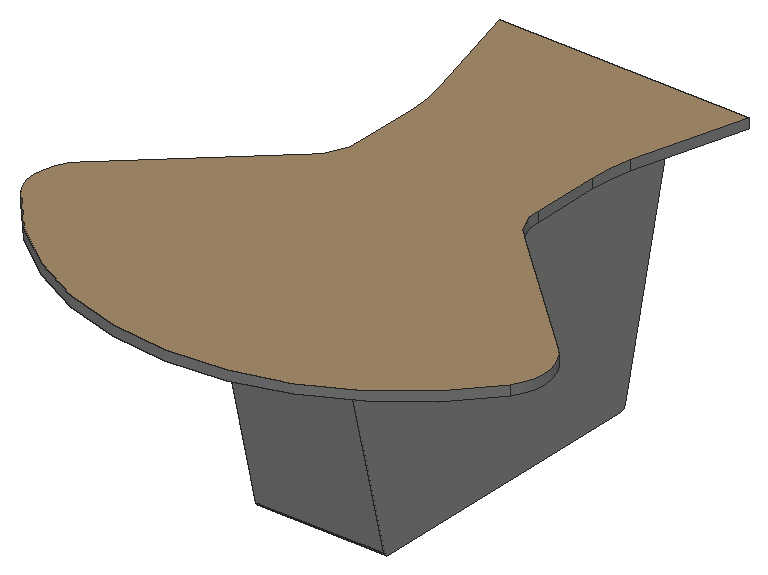
Revit family "Hive Work Surface - Fan", category Furniture, Revit 2020
Family settings
  OmniClass Number = 23.40.20.00
  OmniClass Title = General Furniture and Specialties
  Work Plane-Based = No
  Always vertical = Yes
  Cut with Voids When Loaded = No
  Shared = Yes
  Room Calculation Point = No
Parameters
  WarrantyStartDate = ""
  WarrantyDuration = 60
  Uniclass = "Pr_40_50_21"
  URL = "http://www.nomadflexiblefurniture.com/"
  Type Comments = "Fan Work Surface"  # constant formula
  TagNumber = 0
  SerialNumber = 0
  Product URL = "http://www.nomadflexiblefurniture.com/hive_web/index.html"  # constant formula
  Product Code = "THV8"  # constant formula
  Option = ""
  Name = "Furniture -Table-Casual-Connection-Hive_Fan_Work_Surface"
  Model = "THV8"  # constant formula
  Material Table Edging [instance] = Palmer Hamilton Black Plastic
  Material Table Base [instance] = Palmer Hamilton Black Plastic
  Material Table [instance] = Choose Laminate
  Material Centre Divide [instance] = Choose Fabric
  Manufacturer = "Palmer Hamilton"  # constant formula
  Length = 2' - 7.49606"  # constant formula
  InstallationDate = ""
  Height = 2' - 5.13386"  # constant formula
  Fire Rating = ""
  Features = ""
  Extidentifier = ""
  Power module [instance] = no
  Description = "Fan Work Surface"  # constant formula
  Depth = 2' - 11.43307"  # constant formula
  Default Elevation = 0' - 0"
  Contact Telephone Number = "262-723-5280"  # constant formula
  Contact Fax Number = "800-788-1028"  # constant formula
  Contact Email Address = "info@NomadFlexibleFurniture.com"  # constant formula
  COBie Description = "Designed by Roger Webb Associates, Hive is designed to create flexible spaces for collaboration, communication and concentration. A versatile modular system which integrates technology"
  Barcode = 0
  AssetIdentifier = "THV8"  # constant formula
Reference planes (in)
  plane 1 "Center (Front/Back)": y = 0
  plane 2: z = 0
  plane 3 "Center (Left/Right)": x = 0
  plane 4: z = 17.04724
  plane 5: y = -6.98759
Forms (in)
  Extrusion 1, solid, material "Choose Fabric" <- "Material Centre Divide"
    sketch origin (0, 0, 12.40158) x (0, 1, 0) y (0, 0, 1)
      loop
        arc (-12.32332, 14.37008) -> (-12.63356, 14.21876) -> (-12.70533, 13.88113) r 0.3937
        line (-12.70533, 13.88113) -> (-9.31879, 0.29846)
        arc (-9.31879, 0.29846) -> (-9.17917, 0.08346) -> (-8.93678, 0) r 0.3937
        line (-8.93678, 0) -> (8.93678, 0)
        arc (8.93678, 0) -> (9.17917, 0.08346) -> (9.31879, 0.29846) r 0.3937
        line (9.31879, 0.29846) -> (12.70533, 13.88113)
        arc (12.70533, 13.88113) -> (12.63356, 14.21876) -> (12.32332, 14.37008) r 0.3937
        line (12.32332, 14.37008) -> (-12.32332, 14.37008)
    from -3.93701 to 3.93701
  Extrusion 2, solid, material "Choose Laminate" <- "Material Table"
    sketch origin (0, 0, 0) x (1, 0, 0) y (0, 1, 0)
      loop
        line (7.67717, 14.15598) -> (-7.67717, 14.15598) -> (-5.84719, 7.32641)
        arc (-5.84719, 7.32641) -> (-5.59602, 6.06368) -> (-5.51181, 4.77897) r 9.84253
        line (-5.51181, 4.77897) -> (-5.51181, 0.5733)
        arc (-5.51181, 0.5733) -> (-5.7791, -0.68447) -> (-6.51945, -1.73581) r 3.20347
        line (-6.51945, -1.73581) -> (-14.74039, -9.36168)
        arc (-14.74039, -9.36168) -> (-15.7324, -11.35741) -> (-15.15522, -13.51005) r 3.14961
        arc (-15.15522, -13.51005) -> (0, -21.27026) -> (15.15522, -13.51005) r 18.67871
        arc (15.15522, -13.51005) -> (15.7324, -11.35741) -> (14.74039, -9.36168) r 3.14961
        line (14.74039, -9.36168) -> (6.51945, -1.73581)
        arc (6.51945, -1.73581) -> (5.7791, -0.68447) -> (5.51181, 0.5733) r 3.20347
        line (5.51181, 0.5733) -> (5.51181, 4.77897)
        arc (5.51181, 4.77897) -> (5.59602, 6.06368) -> (5.84719, 7.32641) r 9.84253
        line (5.84719, 7.32641) -> (7.67717, 14.15598)
    from 27.16535 to 27.75591
  Blend 3, solid, material "Palmer Hamilton Black Plastic" <- "Material Table Base"
    base sketch origin (0, 0, 0) x (1, 0, 0) y (0, 1, 0)
      loop
        line (-2, 12.15598) -> (-2, -13.84402) -> (2, -13.84402) -> (2, 12.15598) -> (-2, 12.15598)
    top sketch origin (0, 0, 0) x (1, 0, 0) y (0, 1, 0)
      loop
        line (2, -9.84402) -> (2, 10.15598) -> (-2, 10.15598) -> (-2, -9.84402) -> (2, -9.84402)
    from 27.16535 to 26.77165
Dimensions and locks (in)
  equal spacing: Extrusion 1, plane 3 "Center (Left/Right)", Extrusion 1
  locked: Extrusion 1 to Extrusion 1 at 7.87402
  aligned and locked: level to plane 2
  aligned and locked: Extrusion 2 to Blend 3
  aligned and locked: Blend 3 sketch curve to var sketch  (x2)
Automatic sketch dimensions
  plane 5 to Extrusion 1 sketch curve = 0' - 5.71774"
  Extrusion 1 sketch curve to Extrusion 1 sketch curve = 0' - 0.38201"  (x4)
  plane 5 to Extrusion 1 sketch curve = 0' - 2.3312"
  Extrusion 1 sketch curve to plane 4 = 0' - 4.25197"
  Extrusion 1 sketch curve to plane 1 "Center (Front/Back)" = 0' - 8.93678"
  Extrusion 1 sketch curve to plane 4 = 0' - 4.34721"
  Extrusion 1 sketch curve to plane 1 "Center (Front/Back)" = 1' - 0.32332"
  Extrusion 1 sketch curve to Extrusion 1 sketch curve = 0' - 0.29846"
  plane 4 to Extrusion 1 sketch curve = 0' - 9.23546"  (x2)
  Extrusion 1 sketch curve to Extrusion 1 sketch curve = 0' - 0.09524"
  Extrusion 2 sketch curve to plane 3 "Center (Left/Right)" = 0' - 0"
  Extrusion 2 sketch curve to plane 1 "Center (Front/Back)" = 0' - 0.5733"  (x2)
  Extrusion 2 sketch curve to plane 3 "Center (Left/Right)" = 0' - 5.51181"
  Extrusion 2 sketch curve to Extrusion 2 sketch curve = 0' - 0.33538"  (x2)
  plane 1 "Center (Front/Back)" to Extrusion 2 sketch curve = 0' - 1.73581"  (x2)
  Extrusion 2 sketch curve to Extrusion 2 sketch curve = 0' - 1.00764"  (x2)
  Extrusion 2 sketch curve to Extrusion 2 sketch curve = 0' - 1.82998"  (x2)
  Extrusion 2 sketch curve to plane 1 "Center (Front/Back)" = 0' - 0.59677"  (x2)
  Extrusion 2 sketch curve to Extrusion 2 sketch curve = 0' - 6.07897"  (x2)
  plane 5 to Extrusion 2 sketch curve = 0' - 2.37409"  (x2)
  Extrusion 2 sketch curve to Extrusion 2 sketch curve = 0' - 2.14197"  (x2)
  Extrusion 2 sketch curve to Extrusion 2 sketch curve = 0' - 6.63915"  (x2)
  plane 3 "Center (Left/Right)" to Extrusion 2 sketch curve = 0' - 5.51181"
  plane 5 to Extrusion 2 sketch curve = 0' - 4.68321"
  Extrusion 2 sketch curve to Extrusion 2 sketch curve = 0' - 2.30911"
  plane 1 "Center (Front/Back)" to Extrusion 2 sketch curve = 0' - 2.59155"
  Extrusion 2 sketch curve to Extrusion 2 sketch curve = 0' - 4.20567"
  Extrusion 2 sketch curve to plane 1 "Center (Front/Back)" = 0' - 4.77897"
  Extrusion 2 sketch curve to Extrusion 2 sketch curve = 0' - 6.82957"
  Extrusion 2 sketch curve to Extrusion 2 sketch curve = 0' - 2.55679"
  Blend 3 sketch curve to plane 3 "Center (Left/Right)" = 0' - 2"
  plane 3 "Center (Left/Right)" to Blend 3 sketch curve = 0' - 2"
  plane 5 to Blend 3 sketch curve = 0' - 2.85643"
  Blend 3 sketch curve to plane 1 "Center (Front/Back)" = 0' - 10.15598"
  plane 5 to Blend 3 sketch curve = 0' - 6.85643"
  Blend 3 sketch curve to plane 1 "Center (Front/Back)" = 1' - 0.15598"
Nested families (in)
  nested 1: "Duplex Annotation" at (0, -11.48864, 0) x (-1, 0, 0) z (0, 0, 1), visible <- "Power module", type "Duplex Annotation"
    with Label ""
  nested 2: "ElectricalFacePlate" at (0, -10.64437, 18.01667) x (-1, 0, 0) z (0, -0.9703, -0.2419), visible <- "Power module", type "ElectricalFacePlate"
Definition of nested family "ElectricalFacePlate"
  Parameters (values of type "ElectricalFacePlate")
    Plug = none
    Plate = none
    Default Elevation = 4' - 0"
  Reference planes (in)
    plane 1: y = 0
    plane 2: z = 0
    plane 3: x = 0
  Forms (in)
    Extrusion 1, solid, material <- "Plate"
      sketch origin (1.3, 3.38, 0.0598) x (0, -1, 0) y (1, 0, 0)
        loop
          circle (6.255, -1.3) r 0.18
        loop
          circle (0.505, -1.3) r 0.18
      from -0.05752 to 0.02302
    Extrusion 2, solid, material <- "Plate"
      sketch origin (0, 0, 0) x (1, 0, 0) y (0, 1, 0)
        loop
          line (0.875, 3.25) -> (-0.875, 3.25)
          arc (-0.875, 3.25) -> (-1.14017, 3.14017) -> (-1.25, 2.875) r 0.375
          line (-1.25, 2.875) -> (-1.25, -2.875)
          arc (-1.25, -2.875) -> (-1.14017, -3.14017) -> (-0.875, -3.25) r 0.375
          line (-0.875, -3.25) -> (0.875, -3.25)
          arc (0.875, -3.25) -> (1.14017, -3.14017) -> (1.25, -2.875) r 0.375
          line (1.25, -2.875) -> (1.25, 2.875)
          arc (1.25, 2.875) -> (1.14017, 3.14017) -> (0.875, 3.25) r 0.375
        loop
          circle (0, 2.875) r 0.18
        loop
          circle (0, -2.875) r 0.18
      from 0 to 0.0598
    Blend 3, solid, material <- "Plug"
      base sketch origin (0, 0, 0) x (1, 0, 0) y (0, 1, 0)
        loop
          line (-0.535, 1.788) -> (-0.535, 0.718) -> (0.535, 0.718) -> (0.535, 1.788) -> (-0.535, 1.788)
      top sketch origin (0, 0, 0) x (1, 0, 0) y (0, 1, 0)
        loop
          line (-0.46894, 1.72894) -> (-0.46894, 0.78406) -> (0.47594, 0.78406) -> (0.47594, 1.72894) -> (-0.46894, 1.72894)
      from 0.0598 to 0.1378
    Blend 4, solid, material <- "Plug"
      base sketch origin (0, 0, 0) x (1, 0, 0) y (0, 1, 0)
        loop
          line (-0.535, -1.788) -> (0.535, -1.788) -> (0.535, -0.718) -> (-0.535, -0.718) -> (-0.535, -1.788)
      top sketch origin (0, 0, 0) x (1, 0, 0) y (0, 1, 0)
        loop
          line (-0.46894, -1.72894) -> (0.47594, -1.72894) -> (0.47594, -0.78406) -> (-0.46894, -0.78406) -> (-0.46894, -1.72894)
      from 0.0598 to 0.1378
    Extrusion 5, solid, material <- "Plug"
      sketch origin (0, 0, 0) x (1, 0, 0) y (0, 1, 0)
        loop
          line (-0.288, 0.2665) -> (-0.288, -0.2665) -> (0.288, -0.2665) -> (0.288, 0.2665) -> (-0.288, 0.2665)
        loop
          line (-0.18864, 0.20185) -> (-0.18864, -0.20575) -> (-0.06116, -0.20575) -> (-0.06116, 0.20185) -> (-0.18864, 0.20185)
        loop
          line (0.06115, 0.20185) -> (0.06115, -0.20575) -> (0.18863, -0.20575) -> (0.18863, 0.20185) -> (0.06115, 0.20185)
      from 0.0598 to 0.11052
    Extrusion 6, void
      sketch origin (0, 0, 0) x (1, 0, 0) y (0, 1, 0)
        loop
          arc (-0.1165, 1.49056) -> (0.0035, 1.37056) -> (0.1235, 1.49056) r 0.12
          line (0.1235, 1.49056) -> (0.1235, 1.61056) -> (-0.1165, 1.61056) -> (-0.1165, 1.49056)
        loop
          line (-0.30278, 1.19556) -> (-0.30278, 0.84957) -> (-0.18628, 0.84957) -> (-0.18628, 1.19556) -> (-0.30278, 1.19556)
        loop
          line (0.19722, 1.16331) -> (0.19722, 0.88182) -> (0.31372, 0.88182) -> (0.31372, 1.16331) -> (0.19722, 1.16331)
      from 0.0598 to 0.1378
    Extrusion 7, void
      sketch origin (0, 0, 0) x (1, 0, 0) y (0, 1, 0)
        loop
          line (-0.1165, -1.49056) -> (-0.1165, -1.61056) -> (0.1235, -1.61056) -> (0.1235, -1.49056)
          arc (0.1235, -1.49056) -> (0.0035, -1.37056) -> (-0.1165, -1.49056) r 0.12
        loop
          line (-0.30278, -1.19556) -> (-0.18628, -1.19556) -> (-0.18628, -0.84957) -> (-0.30278, -0.84957) -> (-0.30278, -1.19556)
        loop
          line (0.19722, -1.16331) -> (0.31372, -1.16331) -> (0.31372, -0.88182) -> (0.19722, -0.88182) -> (0.19722, -1.16331)
      from 0.0598 to 0.1378
  Cuts and joins
    Extrusion 6 cuts Blend 3
    Extrusion 7 cuts Blend 4
Definition of nested family "Duplex Annotation"
  Parameters
    Label Visibility 2 = yes
    Label Visibility = no
    Label [instance] = ""
    Height = 1' - 6"
    Fill Visibility 2 = no
    Fill Visibility = no
  Reference planes (in)
    plane 1: y = 0
    plane 2: x = 0
  Lines and regions (in)
    Filled region 1, type "Filled region 1", visible <- "Fill Visibility"
      outline origin (0, 0, 0) x (1, 0, 0) y (0, 1, 0)
        loop
          arc (-0.01758, 0.17188) -> (-0.05469, 0.12009) -> (-0.01758, 0.0683) r 0.05469
          line (-0.01758, 0.0683) -> (-0.01758, 0.17188)
        loop
          arc (0.01758, 0.0683) -> (0.05469, 0.12009) -> (0.01758, 0.17187) r 0.05469
          line (0.01758, 0.17187) -> (0.01758, 0.0683)
    detail lines
      curve 1: line (-0.01758, 0, 0) -> (-0.01758, 0.17188, 0)
      curve 2: circle (0, 0.12009, 0) r 0.05469 normal (0, 0, 1)
      curve 3: line (0.01758, 0, 0) -> (0.01758, 0.17187, 0)
    detail lines, visible <- "Fill Visibility 2"
      curve 4: line (0.00034, 0, 0) -> (0.00034, 0.17478, 0)
  Text (in)
    label "A" at (-0.00011, 0.2151, 0), shows "Label", visible <- "Label Visibility 2"
    label "Height Label" at (-0.00011, 0.19737, 0), shows "Height", "Label", visible <- "Label Visibility"
  Dimensions and locks (in)
    equal spacing: curve 1, plane 2, curve 3
    locked: plane 2 to curve 3 at 0.01758
    aligned and locked: plane 2 to curve 2
